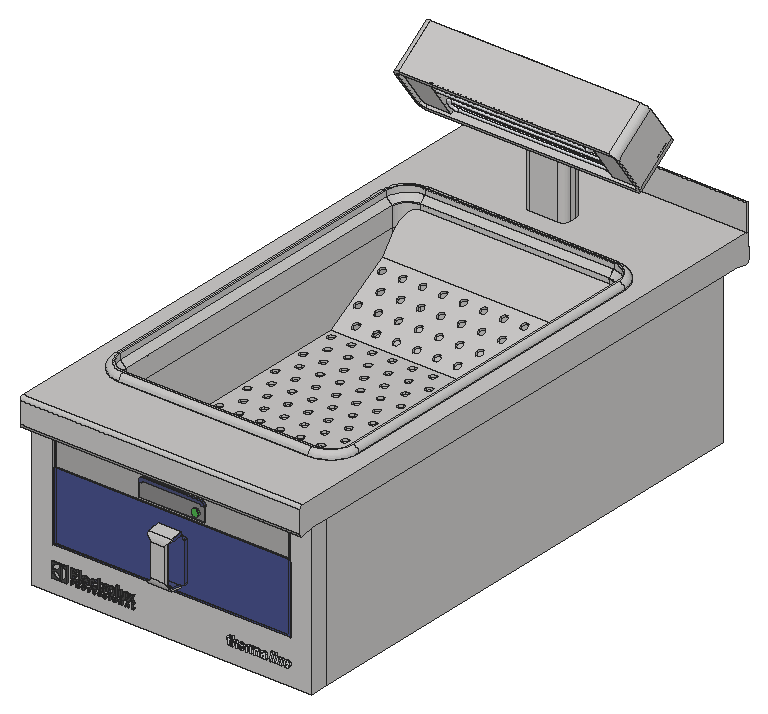
Revit family "QF_ELECTROLUXPROFESSIONAL_588095_MAYAABDOBO", category Attrezzature speciali, Revit 2020 (continued)
Lines and regions (mm)
  symbolic lines
    curve 366: circle (98.5, -488.15, 0) r 5 normal (0, 0, 1)
    curve 367: circle (127.5, -488.15, 0) r 5 normal (0, 0, 1)
    curve 368: circle (156.5, -488.15, 0) r 5 normal (0, 0, 1)
    curve 369: circle (185.5, -488.15, 0) r 5 normal (0, 0, 1)
    curve 370: circle (330.5, -488.15, 0) r 5 normal (0, 0, -1)
    curve 371: circle (301.5, -488.15, 0) r 5 normal (0, 0, -1)
    curve 372: circle (272.5, -488.15, 0) r 5 normal (0, 0, -1)
    curve 373: circle (243.5, -488.15, 0) r 5 normal (0, 0, -1)
    curve 374: circle (214.5, -488.15, 0) r 5 normal (0, 0, -1)
    curve 375: circle (55, -513.15, 0) r 5 normal (0, 0, 1)
    curve 376: circle (84, -513.15, 0) r 5 normal (0, 0, 1)
    curve 377: circle (113, -513.15, 0) r 5 normal (0, 0, 1)
    curve 378: circle (142, -513.15, 0) r 5 normal (0, 0, 1)
    curve 379: circle (171, -513.15, 0) r 5 normal (0, 0, 1)
    curve 380: circle (200, -513.15, 0) r 5 normal (0, 0, 1)
    curve 381: circle (345, -513.15, 0) r 5 normal (0, 0, -1)
    curve 382: circle (316, -513.15, 0) r 5 normal (0, 0, -1)
    curve 383: circle (287, -513.15, 0) r 5 normal (0, 0, -1)
    curve 384: circle (258, -513.15, 0) r 5 normal (0, 0, -1)
    curve 385: circle (229, -513.15, 0) r 5 normal (0, 0, -1)
    curve 386: circle (69.5, -538.15, 0) r 5 normal (0, 0, 1)
    curve 387: circle (98.5, -538.15, 0) r 5 normal (0, 0, 1)
    curve 388: circle (127.5, -538.15, 0) r 5 normal (0, 0, 1)
    curve 389: circle (156.5, -538.15, 0) r 5 normal (0, 0, 1)
    curve 390: circle (185.5, -538.15, 0) r 5 normal (0, 0, 1)
    curve 391: circle (330.5, -538.15, 0) r 5 normal (0, 0, -1)
    curve 392: circle (301.5, -538.15, 0) r 5 normal (0, 0, -1)
    curve 393: circle (272.5, -538.15, 0) r 5 normal (0, 0, -1)
    curve 394: circle (243.5, -538.15, 0) r 5 normal (0, 0, -1)
    curve 395: circle (214.5, -538.15, 0) r 5 normal (0, 0, -1)
    curve 396: line (0, -2, 0) -> (400, -2, 0)
Dimensions and locks
  plane 3 "LEFT" to plane 4 "RIGHT" = 400 mm
  plane 5 "FRONT" to plane 1 "BACK" = 800 mm
  plane 3 "LEFT" to plane 7 "Center (Left/Right)" to plane 4 "RIGHT" = 200 mm, 200 mm
  equal spacing: plane 5 "FRONT", plane 8, plane 1 "BACK"
  plane 6 "TOP" to level = 900 mm  (x2)
  plane 1 "BACK" to plane 9 = 150 mm
  plane 12 to plane 6 "TOP" = 38 mm
  plane 10 to plane 1 "BACK" = 65 mm
  locked: plane 5 "FRONT" to plane 11 at 60
  locked: plane 6 "TOP" to plane 13 "BaseTop" at 250
  locked: plane 14 to plane 5 "FRONT" at 45
  plane 15 "Camino" to plane 1 "BACK" = 50 mm
  plane 16 "EIx" to plane 4 "RIGHT" = 45 mm
  plane 17 to plane 6 "TOP" = 204 mm
  plane 22 to plane 1 "BACK" = 585 mm
  aligned and locked: level to plane 2
  aligned and locked: cut or joined group of Extrusion 2, Extrusion 3, Extrusion 6, Extrusion 7 to plane 3 "LEFT"
  aligned and locked: cut or joined group of Extrusion 2, Extrusion 3, Extrusion 6, Extrusion 7 to plane 4 "RIGHT"
  aligned and locked: nested 1 to plane 14
  aligned and locked: Extrusion 1 to plane 14
  aligned and locked: plane 3 "LEFT" to nested 1
Automatic sketch dimensions
  Extrusion 2 sketch curve to plane 5 "FRONT" = 0 mm
  Extrusion 2 sketch curve to plane 6 "TOP" = 0 mm
  Extrusion 2 sketch curve to plane 1 "BACK" = 0 mm
  Extrusion 2 sketch curve to Extrusion 2 sketch curve = 4 mm
  Extrusion 2 sketch curve to Extrusion 2 sketch curve = 0.695 mm
  Extrusion 2 sketch curve to plane 5 "FRONT" = 5 mm
  Extrusion 2 sketch curve to Extrusion 2 sketch curve = 15.305 mm
  plane 1 "BACK" to Extrusion 2 sketch curve = 20 mm
  plane 1 "BACK" to Extrusion 2 sketch curve = 4.695 mm
  plane 1 "BACK" to Extrusion 2 sketch curve = 4 mm
  Extrusion 2 sketch curve to Extrusion 2 sketch curve = 31 mm
  Extrusion 2 sketch curve to Extrusion 2 sketch curve = 36 mm
  Extrusion 2 sketch curve to Extrusion 2 sketch curve = 2.909 mm
  plane 20 "Serpentine" to Extrusion 21 sketch curve = 0 mm  (x4)
  Extrusion 21 sketch curve to plane 17 = 11.852 mm
  Extrusion 21 sketch curve to plane 17 = 18.405 mm
  Extrusion 21 sketch curve to plane 17 = 11.154 mm
  Extrusion 21 sketch curve to Extrusion 21 sketch curve = 3.381 mm  (x2)
  Extrusion 21 sketch curve to plane 17 = 28.235 mm
  Extrusion 21 sketch curve to plane 17 = 34.788 mm
  Extrusion 21 sketch curve to Extrusion 21 sketch curve = 7.25 mm
  plane 20 "Serpentine" to Extrusion 22 sketch curve = 0 mm  (x4)
  Extrusion 22 sketch curve to plane 17 = 11.852 mm
  Extrusion 22 sketch curve to plane 17 = 18.405 mm
  Extrusion 22 sketch curve to plane 17 = 11.154 mm
  Extrusion 22 sketch curve to Extrusion 22 sketch curve = 3.381 mm  (x2)
  Extrusion 22 sketch curve to plane 17 = 28.235 mm
  Extrusion 22 sketch curve to plane 17 = 34.788 mm
  Extrusion 22 sketch curve to Extrusion 22 sketch curve = 7.25 mm
  plane 20 "Serpentine" to Extrusion 23 sketch curve = 0 mm  (x4)
  Extrusion 23 sketch curve to plane 17 = 11.852 mm
  Extrusion 23 sketch curve to plane 17 = 18.405 mm
  Extrusion 23 sketch curve to plane 17 = 11.154 mm
  Extrusion 23 sketch curve to Extrusion 23 sketch curve = 3.381 mm  (x2)
  Extrusion 23 sketch curve to plane 17 = 28.235 mm
  Extrusion 23 sketch curve to plane 17 = 34.788 mm
  Extrusion 23 sketch curve to Extrusion 23 sketch curve = 7.25 mm
  curve 39 to curve 50 = 0 mm  (x3)
  curve 42 to curve 51 = 0 mm  (x3)
  curve 58 to curve 59 = 0 mm  (x2)
  curve 36 to curve 35 = 9.723 mm
  plane 10 to curve 7 = 21.455 mm
  curve 35 to curve 37 = 8.167 mm
  curve 37 to curve 32 = 7.111 mm
  curve 7 to curve 5 = 10 mm
  curve 8 to curve 9 = 10 mm
  curve 31 to curve 57 = 4.028 mm
  curve 37 to curve 48 = 22.111 mm
  curve 57 to curve 59 = 0.972 mm
  curve 50 to curve 38 = 0.067 mm
  curve 8 to curve 14 = 28 mm
  curve 13 to plane 7 "Center (Left/Right)" = 46 mm
  curve 13 to curve 19 = 8 mm
  plane 7 "Center (Left/Right)" to curve 22 = 38 mm
  curve 23 to curve 28 = 8 mm
  curve 30 to plane 16 "EIx" = 33 mm
  curve 55 to plane 16 "EIx" = 20.001 mm
  curve 49 to plane 16 "EIx" = 20 mm
  curve 55 to curve 54 = 0.001 mm
  curve 42 to curve 40 = 0.11 mm
  curve 54 to curve 56 = 0.972 mm
  curve 5 to plane 16 "EIx" = 5 mm
  curve 9 to plane 16 "EIx" = 5 mm
  curve 32 to plane 16 "EIx" = 5 mm
  plane 16 "EIx" to curve 45 = 1.886 mm
  plane 16 "EIx" to curve 11 = 5 mm
  curve 45 to curve 44 = 8.391 mm
  curve 42 to curve 40 = 7.998 mm
  curve 45 to plane 9 = 41.314 mm
  curve 58 to plane 9 = 40 mm
  curve 36 to curve 58 = 0 mm
  curve 55 to curve 56 = 1.314 mm
  curve 55 to curve 44 = 1.314 mm
  curve 59 to curve 32 = 3.186 mm
  curve 7 to curve 58 = 8.158 mm
  curve 11 to curve 54 = 8.158 mm
  plane 9 to curve 9 = 20.527 mm
  curve 9 to curve 11 = 5.736 mm
  plane 9 to curve 24 = 28.825 mm
  curve 10 to curve 28 = 2.563 mm
  plane 9 to curve 13 = 28.825 mm
  curve 28 to curve 30 = 19.441 mm
  curve 13 to curve 14 = 19.441 mm
  curve 17 to curve 22 = 0 mm
  plane 10 to curve 34 = 21.455 mm
  curve 6 to curve 5 = 5.736 mm
  curve 37 to curve 59 = 0.115 mm
  plane 16 "EIx" to curve 55 = 1.045 mm
  curve 37 to curve 59 = 0 mm
  curve 8 to curve 8 = 5.736 mm
  curve 23 to curve 20 = 7.97 mm
  curve 13 to curve 15 = 7.97 mm
  curve 25 to curve 29 = 7.97 mm
  curve 20 to curve 21 = 3.502 mm
  curve 29 to curve 26 = 3.502 mm
  curve 15 to curve 16 = 3.502 mm
  Extrusion 1 sketch curve to plane 4 "RIGHT" = 0 mm
  Extrusion 1 sketch curve to plane 3 "LEFT" = 0 mm
  Extrusion 1 sketch curve to plane 14 = 0 mm
  Extrusion 1 sketch curve to plane 15 "Camino" = 5 mm
  plane 1 "BACK" to curve 1 = 0 mm
  curve 1 to plane 4 "RIGHT" = 0 mm
  curve 3 to plane 3 "LEFT" = 0 mm
  plane 5 "FRONT" to curve 3 = 0 mm
  plane 16 "EIx" to Extrusion 3 sketch curve = 2.043 mm
  Extrusion 3 sketch curve to plane 16 "EIx" = 20 mm  (x2)
  Extrusion 3 sketch curve to plane 9 = 17.957 mm
  plane 3 "LEFT" to Extrusion 3 sketch curve = 65 mm  (x2)
  Extrusion 3 sketch curve to Extrusion 3 sketch curve = 22.043 mm
  Extrusion 4 sketch curve to plane 16 "EIx" = 0 mm
  Sweep 5 sketch curve to plane 9 = 0 mm
  plane 16 "EIx" to Sweep 5 sketch curve = 20 mm
  Sweep 5 sketch curve to plane 16 "EIx" = 20 mm  (x2)
  plane 3 "LEFT" to Sweep 5 sketch curve = 65 mm  (x2)
  plane 3 "LEFT" to Sweep 5 sketch curve = 25 mm
  Sweep 5 sketch curve to plane 6 "TOP" = 0 mm  (x2)
  profile plane to Sweep 5 sketch curve = 0 mm
  plane 6 "TOP" to Sweep 5 sketch curve = 8 mm
  Sweep 5 sketch curve to Sweep 5 sketch curve = 1.723 mm
  Sweep 5 sketch curve to Sweep 5 sketch curve = 8.282 mm
  Sweep 5 sketch curve to plane 6 "TOP" = 8.282 mm
  plane 16 "EIx" to Extrusion 6 sketch curve = 2.043 mm
  Extrusion 6 sketch curve to plane 16 "EIx" = 20 mm  (x2)
  plane 3 "LEFT" to Extrusion 6 sketch curve = 65 mm  (x2)
  Extrusion 6 sketch curve to plane 9 = 17.957 mm
  Extrusion 6 sketch curve to Extrusion 6 sketch curve = 22.043 mm
  plane 16 "EIx" to Extrusion 7 sketch curve = 12 mm
  Extrusion 7 sketch curve to plane 9 = 8 mm
  Extrusion 7 sketch curve to plane 16 "EIx" = 20 mm  (x2)
  plane 3 "LEFT" to Extrusion 7 sketch curve = 65 mm  (x2)
  Extrusion 7 sketch curve to Extrusion 7 sketch curve = 32 mm
  Extrusion 8 sketch curve to plane 18 "Fondo" = 0 mm
  Extrusion 8 sketch curve to plane 19 "Angle1" = 0 mm  (x2)
  Extrusion 8 sketch curve to plane 18 "Fondo" = 2 mm
  Extrusion 8 sketch curve to Extrusion 8 sketch curve = 0.536 mm  (x2)
  Extrusion 8 sketch curve to Extrusion 8 sketch curve = 1.337 mm  (x2)
  Extrusion 8 sketch curve to plane 6 "TOP" = 8.282 mm
  plane 18 "Fondo" to Extrusion 8 sketch curve = 53.072 mm
  Extrusion 8 sketch curve to plane 9 = 17.957 mm
  plane 18 "Fondo" to Extrusion 8 sketch curve = 51.337 mm
  Extrusion 8 sketch curve to Extrusion 8 sketch curve = 1.538 mm  (x2)
  Extrusion 8 sketch curve to plane 6 "TOP" = 18.171 mm
  Extrusion 8 sketch curve to Extrusion 8 sketch curve = 3.249 mm  (x2)
  Extrusion 9 sketch curve to plane 7 "Center (Left/Right)" = 0 mm  (x5)
  plane 7 "Center (Left/Right)" to Extrusion 9 sketch curve = 14.5 mm  (x5)
  Extrusion 9 sketch curve to plane 8 = 13.15 mm  (x11)
  Extrusion 9 sketch curve to Extrusion 9 sketch curve = 14.5 mm  (x80)
  Extrusion 9 sketch curve to plane 8 = 38.15 mm  (x10)
  Extrusion 9 sketch curve to plane 16 "EIx" = 24.5 mm  (x5)
  Extrusion 9 sketch curve to plane 16 "EIx" = 10 mm  (x5)
  Extrusion 9 sketch curve to plane 7 "Center (Left/Right)" = 14.5 mm  (x5)
  Extrusion 9 sketch curve to Extrusion 9 sketch curve = 25 mm  (x84)
  Extrusion 10 sketch curve to plane 7 "Center (Left/Right)" = 0 mm  (x2)
  plane 7 "Center (Left/Right)" to Extrusion 10 sketch curve = 14.5 mm  (x2)
  Extrusion 10 sketch curve to Extrusion 10 sketch curve = 14.5 mm  (x32)
  Extrusion 10 sketch curve to plane 16 "EIx" = 24.5 mm  (x2)
  Extrusion 10 sketch curve to plane 16 "EIx" = 10 mm  (x2)
  Extrusion 10 sketch curve to plane 7 "Center (Left/Right)" = 14.5 mm  (x2)
  Extrusion 10 sketch curve to Extrusion 10 sketch curve = 0 mm  (x10)
  Extrusion 10 sketch curve to Extrusion 10 sketch curve = 25 mm  (x31)
  Extrusion 11 sketch curve to plane 7 "Center (Left/Right)" = 0 mm  (x2)
  plane 7 "Center (Left/Right)" to Extrusion 11 sketch curve = 14.5 mm  (x2)
  Extrusion 11 sketch curve to Extrusion 11 sketch curve = 14.5 mm  (x32)
  Extrusion 11 sketch curve to plane 16 "EIx" = 24.5 mm  (x2)
  Extrusion 11 sketch curve to plane 16 "EIx" = 10 mm  (x2)
  Extrusion 11 sketch curve to plane 7 "Center (Left/Right)" = 14.5 mm  (x2)
  Extrusion 11 sketch curve to Extrusion 11 sketch curve = 0 mm  (x9)
  Extrusion 11 sketch curve to Extrusion 11 sketch curve = 25 mm  (x32)
  plane 7 "Center (Left/Right)" to Extrusion 12 sketch curve = 30 mm
  Extrusion 12 sketch curve to Extrusion 12 sketch curve = 10 mm  (x4)
  Extrusion 12 sketch curve to plane 7 "Center (Left/Right)" = 20 mm
  Extrusion 12 sketch curve to Extrusion 12 sketch curve = 0 mm
  plane 10 to Extrusion 12 sketch curve = 19.995 mm
  Extrusion 13 sketch curve to Extrusion 13 sketch curve = 0 mm  (x8)
  plane 21 "Serpentine90" to Extrusion 13 sketch curve = 0 mm
  Extrusion 13 sketch curve to plane 21 "Serpentine90" = 4 mm
  Extrusion 13 sketch curve to Extrusion 13 sketch curve = 6 mm  (x3)
  plane 3 "LEFT" to Extrusion 13 sketch curve = 50 mm
  Extrusion 13 sketch curve to Extrusion 13 sketch curve = 65 mm  (x2)
  Extrusion 13 sketch curve to plane 16 "EIx" = 5 mm
  Extrusion 14 sketch curve to plane 16 "EIx" = 39 mm
  Extrusion 14 sketch curve to plane 21 "Serpentine90" = 81 mm  (x2)
  Extrusion 14 sketch curve to Extrusion 14 sketch curve = 6 mm  (x2)
  Extrusion 14 sketch curve to plane 21 "Serpentine90" = 10 mm  (x2)
  Extrusion 14 sketch curve to plane 21 "Serpentine90" = 4 mm  (x2)
  plane 3 "LEFT" to Extrusion 14 sketch curve = 84 mm
  Extrusion 14 sketch curve to Extrusion 14 sketch curve = 34 mm
  Extrusion 14 sketch curve to plane 16 "EIx" = 5 mm
  plane 21 "Serpentine90" to Extrusion 15 sketch curve = 0 mm  (x2)
  plane 9 to Extrusion 15 sketch curve = 33.669 mm
  plane 10 to Extrusion 15 sketch curve = 19.377 mm
  Extrusion 16 sketch curve to Extrusion 16 sketch curve = 0 mm  (x8)
  plane 21 "Serpentine90" to Extrusion 16 sketch curve = 0 mm
  Extrusion 16 sketch curve to plane 21 "Serpentine90" = 4 mm
  Extrusion 16 sketch curve to Extrusion 16 sketch curve = 6 mm  (x3)
  plane 3 "LEFT" to Extrusion 16 sketch curve = 50 mm
  Extrusion 16 sketch curve to Extrusion 16 sketch curve = 65 mm  (x2)
  Extrusion 16 sketch curve to plane 16 "EIx" = 5 mm
  plane 3 "LEFT" to Extrusion 17 sketch curve = 50 mm
  Extrusion 17 sketch curve to plane 21 "Serpentine90" = 81 mm
  Extrusion 17 sketch curve to Extrusion 17 sketch curve = 6 mm  (x2)
  plane 16 "EIx" to Extrusion 17 sketch curve = 1 mm
  Extrusion 17 sketch curve to plane 21 "Serpentine90" = 10 mm  (x2)
  Extrusion 17 sketch curve to plane 21 "Serpentine90" = 4 mm
  Extrusion 18 sketch curve to Extrusion 18 sketch curve = 0 mm  (x8)
  plane 21 "Serpentine90" to Extrusion 18 sketch curve = 0 mm
  Extrusion 18 sketch curve to plane 21 "Serpentine90" = 4 mm
  Extrusion 18 sketch curve to Extrusion 18 sketch curve = 6 mm  (x3)
  plane 3 "LEFT" to Extrusion 18 sketch curve = 50 mm
  Extrusion 18 sketch curve to Extrusion 18 sketch curve = 65 mm  (x2)
  Extrusion 18 sketch curve to plane 16 "EIx" = 5 mm
  Sweep 19 sketch curve to plane 21 "Serpentine90" = 72.123 mm
  Sweep 19 sketch curve to Sweep 19 sketch curve = 10 mm
  Sweep 19 sketch curve to plane 16 "EIx" = 56 mm
  plane 3 "LEFT" to Sweep 19 sketch curve = 84 mm
  Sweep 19 sketch curve to Sweep 19 sketch curve = 0 mm
  profile plane to Sweep 19 sketch curve = 0 mm
  plane 20 "Serpentine" to Sweep 19 sketch curve = 61.931 mm
  Sweep 20 sketch curve to plane 21 "Serpentine90" = 37.123 mm
  Sweep 20 sketch curve to Sweep 20 sketch curve = 10 mm
  Sweep 20 sketch curve to plane 7 "Center (Left/Right)" = 99 mm
  Sweep 20 sketch curve to plane 16 "EIx" = 39 mm
  Sweep 20 sketch curve to Sweep 20 sketch curve = 0 mm
  Sweep 20 sketch curve to profile plane = 0 mm
  profile plane to Sweep 20 sketch curve = 59.479 mm
  curve 36 to curve 31 = 15 mm
  curve 53 to curve 37 = 17.82 mm
  plane 3 "LEFT" to curve 36 = 25 mm
  curve 52 to curve 53 = 91.924 mm
  Extrusion 24 sketch curve to plane 12 = 0 mm
  Extrusion 24 sketch curve to plane 1 "BACK" = 0 mm
  Extrusion 24 sketch curve to plane 6 "TOP" = 0 mm
  plane 1 "BACK" to Extrusion 24 sketch curve = 2 mm
  curve 35 to plane 11 = 75 mm
  curve 42 to curve 47 = 114.744 mm
  curve 41 to curve 46 = 23.666 mm
  Extrusion 3 sketch curve to plane 11 = 75 mm
  Extrusion 4 sketch curve to plane 11 = 155 mm
  Sweep 5 sketch curve to plane 11 = 75 mm
  Extrusion 6 sketch curve to plane 11 = 75 mm
  Extrusion 7 sketch curve to plane 11 = 75 mm
  Extrusion 8 sketch curve to plane 8 = 150.256 mm
  Extrusion 8 sketch curve to plane 11 = 98.163 mm
  Extrusion 8 sketch curve to plane 11 = 52.957 mm
  radius of Extrusion 4 sketch curve = 10.1 mm
  radius of Extrusion 9 sketch curve = 5 mm  (x105)
  radius of Extrusion 10 sketch curve = 5 mm  (x42)
  radius of Extrusion 11 sketch curve = 5 mm  (x42)
  radius of Sweep 19 sketch curve = 2.5 mm
  radius of Sweep 20 sketch curve = 2.5 mm
Nested families
  nested 1: "Front_Panel_W400_1 Knob_Spie" at (102.376, -755, 0), type "Front_Panel_W400_1 Knob_Spie"
Connectors
  electrical at (355, -585, 640), driven by "Volts"
    settings: on Extrusion 4, index 1, voltage 230 V, apparent load 0 VA, apparent load phase1 0 VA, apparent load phase2 0 VA, apparent load phase3 0 VA, power factor 1, load classification "Other", number of poles 1, system type 30, power factor state 1, is connector primary yes, connector utility no, sub classification motor no, connector description "Electrical Connection"
Definition of nested family "Front_Panel_W400_1 Knob_Spie"
  Parameters
    Width = 400 mm
    Default Elevation = 0 mm
  Reference planes
    plane 1 "Center (Front/Back)": y = 0
    plane 2: z = 0
    plane 3 "Center (Left/Right)": x = 97.624
    plane 4 "Left": x = -102.376
    plane 5 "Right": x = 297.624
    plane 6: y = -45
    plane 7: y = -25
    plane 8: x = 267.624
    plane 9: x = -72.376
  Forms (mm)
    Extrusion 1, solid
      sketch origin (833.217, 829.203, -1.25) x (0, 1, 0) y (0, 0, 1)
        loop
          line (-854.203, 651.25) -> (-829.203, 651.25) -> (-829.203, 864.25) -> (-854.203, 864.25) -> (-854.203, 651.25)
      from -935.593 to -535.593
    Extrusion 2, void
      sketch origin (0, 0, 0) x (1, 0, 0) y (0, 0, 1)
        loop
          line (-72.376, 853.866) -> (-72.376, 711.866) -> (267.624, 711.866) -> (267.624, 853.866) -> (-72.376, 853.866)
      from 19.387 to 33.951
    Extrusion 3, solid
      sketch origin (145, -25, 1.199) x (0, 0, 1) y (-1, 0, 0)
        loop
          circle (824.337, 12.376) r 5
      from 0 to 1.7
  Cuts and joins
    Extrusion 2 cuts Extrusion 1
  Dimensions and locks
    equal spacing: plane 5 "Right", plane 3 "Center (Left/Right)", plane 4 "Left"
    "Width": plane 5 "Right" to plane 4 "Left"
    aligned and locked: cut or joined group of Extrusion 1, Extrusion 2 to plane 4 "Left"
    aligned and locked: plane 5 "Right" to cut or joined group of Extrusion 1, Extrusion 2
    aligned and locked: plane 9 to nested 1
    aligned and locked: plane 8 to nested 1
    aligned and locked: nested 4 to plane 9
    aligned and locked: cut or joined group of Extrusion 1, Extrusion 2 to plane 9
    aligned and locked: plane 8 to cut or joined group of Extrusion 1, Extrusion 2
  Automatic sketch dimensions
    level to Extrusion 2 sketch curve = 711.866 mm
    Extrusion 2 sketch curve to Extrusion 2 sketch curve = 142 mm
    Extrusion 1 sketch curve to plane 7 = 0 mm
    Extrusion 1 sketch curve to plane 1 "Center (Front/Back)" = 0 mm
    level to Extrusion 1 sketch curve = 650 mm
    Extrusion 1 sketch curve to Extrusion 1 sketch curve = 213 mm
    Extrusion 2 sketch curve to plane 5 "Right" = 30 mm
    Extrusion 2 sketch curve to plane 3 "Center (Left/Right)" = 170 mm
    plane 3 "Center (Left/Right)" to Extrusion 3 sketch curve = 35 mm
    level to Extrusion 3 sketch curve = 825.536 mm
    radius of Extrusion 3 sketch curve = 5 mm
  Nested families
    nested 1: "Front glass control panel W340_1 Knob" at (97.624, 280.644, 2.752), type "Front glass control panel W340_1 Knob"
    nested 2: "Range Control Handle" at (97.624, -28.137, -209.113) x (-1, 0, 0) z (0, 0, 1), type ""
    nested 3: "ELX_ThermaLine_Small" at (219.031, -25, 679.426) x (1, 0, 0) z (0, -1, 0), type "ELX_ThermaLine_Small"
      with Show Logo yes, Material_Logo none
    nested 4: "ELX_Professional_Logo_Small" at (-12.89, -25, 681.659) x (1, 0, 0) z (0, -1, 0), type "ELX_Professional_Logo_Small"
      with Show Logo yes, Material_Logo none
  Definition of nested family "Front glass control panel W340_1 Knob"
    Parameters
      Default Elevation = 0 mm
    Reference planes
      plane 1 "Center (Front/Back)": y = 0
      plane 2: z = 0
      plane 3 "Center (Left/Right)": x = 0
    Forms (mm)
      Extrusion 1, solid
        sketch origin (378.286, 0, 0.617) x (1, 0, 0) y (0, 0, 1)
          loop
            line (-548.286, 806.791) -> (-548.286, 708.497) -> (-208.286, 708.497) -> (-208.286, 806.791) -> (-548.286, 806.791)
        from 300.031 to 304.8
      Extrusion 2, solid
        sketch origin (378.286, 0, 0.617) x (1, 0, 0) y (0, 0, 1)
          loop
            line (-548.286, 850.497) -> (-548.286, 806.791) -> (-208.286, 806.791) -> (-208.286, 850.497) -> (-548.286, 850.497)
        from 300.031 to 304.8
      Extrusion 3, void
        sketch origin (378.286, 0, 0.617) x (1, 0, 0) y (0, 0, 1)
          loop
            line (-545.628, 847.565) -> (-545.628, 710.699) -> (-211.196, 710.699) -> (-211.196, 847.565) -> (-545.628, 847.565)
        from 303.697 to 304.8
      Extrusion 4, solid
        sketch origin (308.309, 1.101, -0.633) x (1, 0, 0) y (0, 0, 1)
          loop
            line (-261.431, 812.62) -> (-261.431, 834.177) -> (-266.24, 834.177) -> (-268.039, 835.977) -> (-348.469, 835.977) -> (-350.269, 834.177) -> (-355.186, 834.177) -> (-355.186, 812.62) -> (-261.431, 812.62)
        from 304.798 to 306.745
      Extrusion 5, solid
        sketch origin (308.309, 1.101, -0.633) x (1, 0, 0) y (0, 0, 1)
          loop
            line (-350.269, 834.177) -> (-348.469, 835.977) -> (-268.039, 835.977) -> (-266.24, 834.177) -> (-261.529, 834.177)
            arc (-261.529, 834.177) -> (-262.706, 838.752) -> (-266.98, 840.763) r 5.549
            line (-266.98, 840.763) -> (-349.686, 840.763)
            arc (-349.686, 840.763) -> (-353.942, 838.747) -> (-355.078, 834.177) r 5.5
            line (-355.078, 834.177) -> (-350.269, 834.177)
        from 304.798 to 306.745
    Cuts and joins
      Extrusion 3 cuts Extrusion 1
      Extrusion 3 cuts Extrusion 2
    Dimensions and locks
      equal spacing: cut or joined group of Extrusion 2, Extrusion 3, plane 3 "Center (Left/Right)", cut or joined group of Extrusion 2, Extrusion 3
      cut or joined group of Extrusion 2, Extrusion 3 to cut or joined group of Extrusion 2, Extrusion 3 = 340 mm
      aligned and locked: Extrusion 1 to Extrusion 2
      aligned and locked: Extrusion 5 to Extrusion 4
    Automatic sketch dimensions
      Extrusion 1 sketch curve to plane 3 "Center (Left/Right)" = 170 mm
      plane 3 "Center (Left/Right)" to Extrusion 1 sketch curve = 170 mm
      level to Extrusion 1 sketch curve = 709.114 mm
      Extrusion 1 sketch curve to Extrusion 1 sketch curve = 98.294 mm
      Extrusion 2 sketch curve to plane 3 "Center (Left/Right)" = 170 mm
      plane 3 "Center (Left/Right)" to Extrusion 2 sketch curve = 170 mm
      level to Extrusion 2 sketch curve = 807.408 mm
      Extrusion 2 sketch curve to Extrusion 2 sketch curve = 43.706 mm
      Extrusion 3 sketch curve to plane 3 "Center (Left/Right)" = 167.342 mm
      plane 3 "Center (Left/Right)" to Extrusion 3 sketch curve = 167.091 mm
      level to Extrusion 3 sketch curve = 711.316 mm
      Extrusion 3 sketch curve to Extrusion 3 sketch curve = 136.866 mm
      Extrusion 4 sketch curve to plane 3 "Center (Left/Right)" = 46.877 mm
      Extrusion 4 sketch curve to Extrusion 4 sketch curve = 4.917 mm
      Extrusion 4 sketch curve to Extrusion 4 sketch curve = 1.8 mm  (x3)
      plane 3 "Center (Left/Right)" to Extrusion 4 sketch curve = 40.269 mm
      Extrusion 4 sketch curve to Extrusion 4 sketch curve = 4.809 mm
      level to Extrusion 4 sketch curve = 811.987 mm
      Extrusion 4 sketch curve to Extrusion 4 sketch curve = 21.557 mm  (x2)
      Extrusion 5 sketch curve to plane 3 "Center (Left/Right)" = 46.769 mm
      Extrusion 5 sketch curve to Extrusion 5 sketch curve = 4.809 mm
      Extrusion 5 sketch curve to Extrusion 5 sketch curve = 0.583 mm
      Extrusion 5 sketch curve to Extrusion 5 sketch curve = 1.217 mm
      plane 3 "Center (Left/Right)" to Extrusion 5 sketch curve = 40.269 mm
      Extrusion 5 sketch curve to Extrusion 5 sketch curve = 1.059 mm
      Extrusion 5 sketch curve to Extrusion 5 sketch curve = 0.741 mm
      Extrusion 5 sketch curve to Extrusion 5 sketch curve = 4.711 mm
      level to Extrusion 5 sketch curve = 833.543 mm
      Extrusion 5 sketch curve to Extrusion 5 sketch curve = 0 mm
      Extrusion 5 sketch curve to Extrusion 5 sketch curve = 1.037 mm
      Extrusion 5 sketch curve to Extrusion 5 sketch curve = 0.714 mm
  Definition of nested family "Range Control Handle"
    Parameters
      Default Elevation = 0 mm
    Reference planes
      plane 1 "Center (Front/Back)": y = 0
      plane 2: z = 0
      plane 3 "Center (Left/Right)": x = 0
      plane 4: z = 971.092
      plane 5: y = -16.9
    Forms (mm)
      Extrusion 1, solid
        sketch origin (-746.28, 380.497, 208.931) x (-1, 0, 0) y (0, 0, 1)
          loop
            line (-770.101, 786.798) -> (-770.101, 731.649)
            arc (-770.101, 731.649) -> (-769.759, 730.563) -> (-768.855, 729.87) r 1.893
            line (-768.855, 729.87) -> (-763.474, 727.911) -> (-729.81, 727.911) -> (-724.428, 729.87)
            arc (-724.428, 729.87) -> (-723.525, 730.563) -> (-723.183, 731.649) r 1.893
            line (-723.183, 731.649) -> (-723.183, 786.798)
            arc (-723.183, 786.798) -> (-723.529, 787.894) -> (-724.44, 788.593) r 1.91
            line (-724.44, 788.593) -> (-729.683, 790.819) -> (-763.601, 790.819) -> (-768.844, 788.593)
            arc (-768.844, 788.593) -> (-769.755, 787.894) -> (-770.101, 786.798) r 1.91
        from -382.35 to -378.852
      Sweep 2, solid
        path origin (-746.788, 380.496, 208.091) x (0, -1, 0) y (0, 0, 1)
          loop
            line (379.775, 793.281) -> (395.661, 791.048)
            arc (395.661, 791.048) -> (397.781, 787.377) -> (398.517, 783.202) r 12.207
            line (398.517, 783.202) -> (398.517, 737.368)
            arc (398.517, 737.368) -> (397.781, 733.193) -> (395.661, 729.522) r 12.207
            line (395.661, 729.522) -> (379.775, 727.289)
        profile origin (-746.788, -7.222, 1000.256) x (0, -0.139173, 0.990268) y (-1, 0, 0)
          loop
            line (0.782, -763.123) -> (0.782, -730.907) -> (-1.322, -730.907) -> (-1.322, -763.123) -> (0.782, -763.123)
      Sweep 3, solid
        path origin (-746.788, 380.715, 207.832) x (0, -1, 0) y (0, 0, 1)
          loop
            line (380.478, 795.442) -> (397.218, 793.09)
            arc (397.218, 793.09) -> (399.929, 788.473) -> (400.871, 783.202) r 15.207
            line (400.871, 783.202) -> (400.871, 737.584)
            arc (400.871, 737.584) -> (399.914, 732.274) -> (397.164, 727.633) r 15.207
            line (397.164, 727.633) -> (380.601, 725.305)
        profile origin (-746.788, -8.132, 1002.099) x (0, -0.139173, 0.990268) y (-1, 0, 0)
          loop
            line (0.782, -763.123) -> (0.782, -730.907) -> (-1.322, -730.907) -> (-1.322, -763.123) -> (0.782, -763.123)
      Extrusion 4, void
        sketch origin (889.253, 220.666, 207.993) x (1, 0, 0) y (0, 0, 1)
          loop
            line (-943.038, 816.854) -> (-943.038, 703.686) -> (-899.466, 734.196) -> (-899.466, 786.344) -> (-943.038, 816.854)
        from 230.636 to 242.25
      Extrusion 5, void
        sketch origin (-888.8, 220.666, 207.993) x (-1, 0, 0) y (0, 0, -1)
          loop
            line (-943.038, -816.854) -> (-899.466, -786.344) -> (-899.466, -734.196) -> (-943.038, -703.686) -> (-943.038, -816.854)
        from 230.636 to 242.25
      Extrusion 6, solid
        sketch origin (0, 0, 0) x (1, 0, 0) y (0, 0, 1)
          loop
            circle (0, 971.092) r 7.736
        from -3.137 to -1.645
    Cuts and joins
      Extrusion 4, Extrusion 5 cuts Sweep 3
      Extrusion 4, Extrusion 5 cuts Sweep 2
      joined: Extrusion 1, Extrusion 6
    Lines and regions (mm)
      symbolic lines
        curve 1: line (16.334, -16.9, 0) -> (16.334, -19.227, 0)
        curve 2: spline (16.334, -19.227, 0) -> (15.87, -19.385, 0) -> (15.404, -19.536, 0) -> (14.936, -19.678, 0) -> (14.466, -19.813, 0) -> (13.995, -19.94, 0) -> (13.523, -20.059, 0) -> (13.049, -20.171, 0) -> (12.575, -20.274, 0) -> (12.099, -20.37, 0) -> (11.622, -20.458, 0) -> (11.144, -20.537, 0) -> (10.666, -20.609, 0)
        curve 3: line (10.666, -16.9, 0) -> (10.666, -20.938, 0)
        curve 4: line (-10.213, -20.938, 0) -> (10.666, -20.938, 0)
        curve 5: line (-10.213, -20.938, 0) -> (-10.213, -16.9, 0)
        curve 6: spline (-10.213, -20.609, 0) -> (-10.691, -20.537, 0) -> (-11.169, -20.458, 0) -> (-11.646, -20.37, 0) -> (-12.122, -20.274, 0) -> (-12.597, -20.171, 0) -> (-13.07, -20.059, 0) -> (-13.542, -19.94, 0) -> (-14.013, -19.813, 0) -> (-14.483, -19.678, 0) -> (-14.951, -19.536, 0) -> (-15.417, -19.385, 0) -> (-15.881, -19.227, 0)
        curve 7: line (-15.881, -19.227, 0) -> (-15.881, -16.9, 0)
  Definition of nested family "ELX_ThermaLine_Small"
    Parameters
      Show Logo [instance] = yes
      Material_Logo [instance] = none
      Default Elevation = 0 mm
    Reference planes
      plane 1 "Centro (Fronte/Retro)": y = 0
      plane 2: z = 0
      plane 3 "Centro (Sinistra/Destra)": x = 0
    Forms (mm)
      Extrusion 1, solid
        sketch origin (0, 0, 0) x (1, 0, 0) y (0, 1, 0)
          loop
            line (-1219.2, 1219.2) -> (-1219.2, -1219.2) -> (1219.2, -1219.2) -> (1219.2, 1219.2) -> (-1219.2, 1219.2)
        from 0 to -304.8
      Extrusion 2, solid
        sketch origin (0, 0, 0) x (1, 0, 0) y (0, 1, 0)
          loop
            line (-37.494, 1.229) -> (-35.908, 1.229) -> (-35.908, 3.066) -> (-37.494, 3.066) -> (-37.494, 6.221) -> (-39.867, 4.881) -> (-39.867, 3.066) -> (-40.969, 3.066) -> (-40.969, 1.229) -> (-39.867, 1.229) -> (-39.867, -3.407)
            arc (-39.867, -3.407) -> (-38.982, -5.513) -> (-36.751, -6.001) r 2.478
            line (-36.751, -6.001) -> (-35.638, -5.7) -> (-35.9, -3.835) -> (-36.661, -4.039)
            arc (-36.661, -4.039) -> (-37.236, -3.924) -> (-37.494, -3.399) r 0.662
            line (-37.494, -3.399) -> (-37.494, 1.229)
          loop
            line (-34.242, 6.539) -> (-34.242, -5.848) -> (-31.854, -5.848) -> (-31.854, -0.078)
            arc (-31.854, -0.078) -> (-30.939, 1.249) -> (-29.33, 1.367) r 1.866
            arc (-29.33, 1.367) -> (-28.695, 0.768) -> (-28.461, -0.073) r 1.627
            line (-28.461, -0.073) -> (-28.461, -5.848) -> (-26.086, -5.848) -> (-26.064, -0.46)
            arc (-26.064, -0.46) -> (-26.261, 0.932) -> (-26.786, 2.237) r 5.825
            arc (-26.786, 2.237) -> (-29.381, 3.264) -> (-31.854, 1.971) r 3.353
            line (-31.854, 1.971) -> (-31.854, 6.539) -> (-34.242, 6.539)
          loop
            arc (-18.398, -0.598) -> (-18.893, 0.879) -> (-20.326, 1.487) r 1.897
            arc (-20.326, 1.487) -> (-21.461, 0.708) -> (-21.897, -0.598) r 2.164
            line (-21.897, -0.598) -> (-18.398, -0.598)
          loop
            arc (-16.021, -2.044) -> (-16.754, 1.227) -> (-19.444, 3.226) r 4.814
            arc (-19.444, 3.226) -> (-22.137, 2.788) -> (-23.943, 0.743) r 4.054
            arc (-23.943, 0.743) -> (-24.382, -1.249) -> (-24.162, -3.276) r 6.289
            arc (-24.162, -3.276) -> (-23.302, -4.71) -> (-21.958, -5.705) r 4.28
            arc (-21.958, -5.705) -> (-18.558, -5.814) -> (-16.152, -3.409) r 4.28
            line (-16.152, -3.409) -> (-18.5, -2.995)
            arc (-18.5, -2.995) -> (-19.273, -3.994) -> (-20.533, -4.076) r 1.536
            arc (-20.533, -4.076) -> (-21.56, -3.281) -> (-21.958, -2.044) r 2.197
            line (-21.958, -2.044) -> (-16.021, -2.044)
          loop
            line (-14.165, -5.848) -> (-11.819, -5.848) -> (-11.819, -2.138)
            arc (-11.819, -2.138) -> (-11.787, -1.156) -> (-11.637, -0.185) r 8.18
            arc (-11.637, -0.185) -> (-10.644, 0.972) -> (-9.132, 0.776) r 1.603
            line (-9.132, 0.776) -> (-8.419, 2.846)
            arc (-8.419, 2.846) -> (-10.432, 3.118) -> (-11.994, 1.821) r 2.527
            line (-11.994, 1.821) -> (-11.994, 3.094) -> (-14.165, 3.094) -> (-14.165, -5.848)
          loop
            line (-7.579, 3.094) -> (-7.579, -5.848) -> (-5.178, -5.848) -> (-5.178, -0.756)
            arc (-5.178, -0.756) -> (-4.727, 0.679) -> (-3.417, 1.419) r 2.05
            arc (-3.417, 1.419) -> (-2.499, 0.908) -> (-2.155, -0.085) r 1.471
            line (-2.155, -0.085) -> (-2.155, -5.848) -> (0.23, -5.848) -> (0.23, -1.001)
            arc (0.23, -1.001) -> (0.47, 0.127) -> (1.148, 1.061) r 2.775
            arc (1.148, 1.061) -> (2.225, 1.329) -> (3.05, 0.587) r 1.182
            arc (3.05, 0.587) -> (3.199, -0.019) -> (3.214, -0.642) r 2.894
            line (3.214, -0.642) -> (3.214, -5.848) -> (5.601, -5.848) -> (5.601, 0.261)
            arc (5.601, 0.261) -> (4.87, 2.263) -> (2.976, 3.241) r 2.932
            arc (2.976, 3.241) -> (1.284, 2.973) -> (-0.047, 1.896) r 3.309
            arc (-0.047, 1.896) -> (-1.116, 2.865) -> (-2.506, 3.258) r 3.16
            arc (-2.506, 3.258) -> (-4.105, 2.942) -> (-5.376, 1.92) r 3.419
            line (-5.376, 1.92) -> (-5.376, 3.094) -> (-7.579, 3.094)
          loop
            line (7.583, 0.738) -> (9.702, 0.364)
            arc (9.702, 0.364) -> (11.441, 1.492) -> (12.855, -0.023) r 1.613
            line (12.855, -0.023) -> (9.782, -0.789)
            arc (9.782, -0.789) -> (8.559, -1.346) -> (7.617, -2.305) r 3.687
            arc (7.617, -2.305) -> (7.499, -3.681) -> (7.901, -5.003) r 3.651
            arc (7.901, -5.003) -> (9.107, -5.766) -> (10.515, -6.006) r 3.635
            arc (10.515, -6.006) -> (11.898, -5.697) -> (13.067, -4.895) r 3.734
            line (13.067, -4.895) -> (13.376, -5.848) -> (15.75, -5.848) -> (15.212, -4.193) -> (15.212, 0.38)
            arc (15.212, 0.38) -> (14.897, 1.849) -> (13.818, 2.895) r 2.585
            arc (13.818, 2.895) -> (11.792, 3.442) -> (9.719, 3.11) r 5.005
            arc (9.719, 3.11) -> (8.369, 2.178) -> (7.583, 0.738) r 3.54
          loop
            line (19.723, -5.848) -> (22.233, -5.848) -> (24.854, 6.484) -> (22.345, 6.484) -> (19.723, -5.848)
          loop
            line (24.583, -5.848) -> (26.953, -5.848) -> (28.848, 3.066) -> (26.478, 3.066) -> (24.583, -5.848)
          loop
            line (27.204, 6.484) -> (26.741, 4.305) -> (29.111, 4.305) -> (29.575, 6.484) -> (27.204, 6.484)
          loop
            line (29.355, -5.848) -> (31.849, -5.848) -> (33.098, 0.028)
            arc (33.098, 0.028) -> (34.169, 1.306) -> (35.832, 1.422) r 2.132
            arc (35.832, 1.422) -> (36.324, 0.752) -> (36.383, -0.078) r 1.5
            line (36.383, -0.078) -> (35.157, -5.848) -> (37.536, -5.848) -> (38.936, 0.738)
            arc (38.936, 0.738) -> (38.775, 2.091) -> (37.825, 3.066) r 2.118
            arc (37.825, 3.066) -> (35.392, 3.175) -> (33.295, 1.937) r 4.271
            line (33.295, 1.937) -> (33.535, 3.066) -> (31.25, 3.066) -> (29.355, -5.848)
          loop
            line (42.792, -0.64) -> (46.589, -0.64)
            arc (46.589, -0.64) -> (46.639, 0.124) -> (46.327, 0.823) r 1.589
            arc (46.327, 0.823) -> (45.117, 1.521) -> (43.762, 1.183) r 1.865
            arc (43.762, 1.183) -> (43.141, 0.344) -> (42.792, -0.64) r 3.538
          loop
            line (42.565, -2.138) -> (48.593, -2.138)
            arc (48.593, -2.138) -> (48.58, 0.597) -> (46.983, 2.818) r 4.494
            arc (46.983, 2.818) -> (44.191, 3.28) -> (41.725, 1.891) r 4.26
            arc (41.725, 1.891) -> (40.503, -0.3) -> (40.284, -2.799) r 6.003
            arc (40.284, -2.799) -> (40.959, -4.468) -> (42.377, -5.576) r 3.482
            arc (42.377, -5.576) -> (44.265, -5.961) -> (46.152, -5.576) r 4.823
            arc (46.152, -5.576) -> (47.432, -4.731) -> (48.328, -3.485) r 4.245
            line (48.328, -3.485) -> (46.168, -3.105)
            arc (46.168, -3.105) -> (45.214, -4.072) -> (43.859, -4.181) r 1.953
            arc (43.859, -4.181) -> (42.821, -3.408) -> (42.565, -2.138) r 1.81
          loop
            line (12.868, -1.553) -> (10.216, -2.214)
            arc (10.216, -2.214) -> (9.747, -3.136) -> (10.216, -4.058) r 1.14
            arc (10.216, -4.058) -> (11.537, -4.249) -> (12.614, -3.46) r 1.763
            arc (12.614, -3.46) -> (12.858, -2.522) -> (12.868, -1.553) r 3.97
        from 0 to 1.6
    Dimensions and locks
      aligned and locked: plane 2 to Extrusion 1
      aligned and locked: level to Extrusion 1
  Definition of nested family "ELX_Professional_Logo_Small"
    Parameters
      Show Logo [instance] = yes
      Material_Logo [instance] = none
      Default Elevation = 0 mm
    Reference planes
      plane 1 "Centro (Fronte/Retro)": y = 0
      plane 2: z = 0
      plane 3 "Centro (Sinistra/Destra)": x = 0
    Forms (mm)
      Extrusion 1, solid
        sketch origin (0, 0, 0) x (1, 0, 0) y (0, 1, 0)
          loop
            line (-1219.2, 1219.2) -> (-1219.2, -1219.2) -> (1219.2, -1219.2) -> (1219.2, 1219.2) -> (-1219.2, 1219.2)
        from 0 to -304.8
      Extrusion 2, solid, material <- "Material_Logo"
        sketch origin (15.5, 0, 0) x (1, 0, 0) y (0, 1, 0)
          loop
            spline (-42.99, -1.24) -> (-43.195, -1.231) -> (-43.415, -1.203) -> (-43.642, -1.152) -> (-43.87, -1.074) -> (-44.095, -0.966) -> (-44.309, -0.825) -> (-44.506, -0.647) -> (-44.681, -0.429) -> (-44.828, -0.167) -> (-44.94, 0.142) -> (-45.011, 0.501) -> (-45.037, 0.915)
            line (-45.037, 0.915) -> (-45.037, 2.748) -> (-38.984, 2.748) -> (-38.984, 5.086) -> (-45.038, 5.086) -> (-45.038, 8.489) -> (-38.599, 8.489) -> (-38.599, 10.82) -> (-47.515, 10.82) -> (-47.515, 1.021)
            spline (-47.515, 1.021) -> (-47.493, 0.418) -> (-47.425, -0.15) -> (-47.311, -0.682) -> (-47.15, -1.175) -> (-46.939, -1.628) -> (-46.678, -2.038) -> (-46.365, -2.404) -> (-46, -2.723) -> (-45.58, -2.995) -> (-45.105, -3.216) -> (-44.573, -3.385) -> (-43.983, -3.499)
            line (-43.983, -3.499) -> (-43.01, -3.569) -> (-38.426, -3.569) -> (-38.426, -1.24) -> (-42.99, -1.24)
          loop
            line (-36.666, 4.021) -> (-36.666, -3.573) -> (-34.188, -3.573) -> (-34.188, 10.824) -> (-36.666, 10.824) -> (-36.666, 4.021)
          loop
            spline (-21.915, 1.897) -> (-21.957, 2.615) -> (-22.082, 3.303) -> (-22.285, 3.955) -> (-22.563, 4.564) -> (-22.913, 5.124) -> (-23.331, 5.629) -> (-23.814, 6.074) -> (-24.359, 6.451) -> (-24.961, 6.755) -> (-25.618, 6.98) -> (-26.326, 7.119) -> (-27.081, 7.167)
            spline (-27.081, 7.167) -> (-27.853, 7.122) -> (-28.586, 6.99) -> (-29.275, 6.774) -> (-29.915, 6.478) -> (-30.5, 6.104) -> (-31.024, 5.657) -> (-31.483, 5.138) -> (-31.871, 4.553) -> (-32.182, 3.904) -> (-32.411, 3.194) -> (-32.552, 2.427) -> (-32.6, 1.606)
            spline (-32.6, 1.606) -> (-32.553, 0.805) -> (-32.416, 0.057) -> (-32.193, -0.637) -> (-31.887, -1.271) -> (-31.504, -1.843) -> (-31.048, -2.35) -> (-30.523, -2.788) -> (-29.934, -3.154) -> (-29.284, -3.444) -> (-28.579, -3.656) -> (-27.822, -3.785) -> (-27.019, -3.829)
            spline (-27.019, -3.829) -> (-26.627, -3.82) -> (-26.239, -3.79) -> (-25.856, -3.739) -> (-25.477, -3.663) -> (-25.103, -3.562) -> (-24.734, -3.432) -> (-24.369, -3.273) -> (-24.01, -3.082) -> (-23.655, -2.858) -> (-23.305, -2.597) -> (-22.96, -2.299) -> (-22.621, -1.962)
            line (-22.621, -1.962) -> (-24.114, -0.509)
            spline (-24.114, -0.509) -> (-24.311, -0.699) -> (-24.509, -0.872) -> (-24.71, -1.03) -> (-24.915, -1.172) -> (-25.126, -1.297) -> (-25.346, -1.407) -> (-25.576, -1.5) -> (-25.817, -1.576) -> (-26.072, -1.636) -> (-26.342, -1.678) -> (-26.629, -1.704) -> (-26.936, -1.713)
            spline (-26.936, -1.713) -> (-27.384, -1.691) -> (-27.805, -1.625) -> (-28.196, -1.518) -> (-28.556, -1.372) -> (-28.882, -1.187) -> (-29.174, -0.966) -> (-29.429, -0.71) -> (-29.645, -0.422) -> (-29.821, -0.102) -> (-29.955, 0.247) -> (-30.045, 0.623) -> (-30.089, 1.026)
            line (-30.089, 1.026) -> (-21.956, 1.026) -> (-21.915, 1.897)
          loop
            spline (-24.446, 2.769) -> (-24.47, 3.075) -> (-24.54, 3.37) -> (-24.654, 3.65) -> (-24.807, 3.913) -> (-24.996, 4.156) -> (-25.219, 4.376) -> (-25.472, 4.57) -> (-25.753, 4.736) -> (-26.057, 4.869) -> (-26.382, 4.968) -> (-26.724, 5.03) -> (-27.081, 5.051)
            spline (-27.081, 5.051) -> (-27.464, 5.03) -> (-27.832, 4.97) -> (-28.183, 4.872) -> (-28.513, 4.74) -> (-28.819, 4.577) -> (-29.099, 4.384) -> (-29.347, 4.165) -> (-29.563, 3.923) -> (-29.742, 3.659) -> (-29.881, 3.377) -> (-29.977, 3.079) -> (-30.027, 2.769)
            line (-30.027, 2.769) -> (-24.446, 2.769)
          loop
            spline (-18.167, 1.669) -> (-18.138, 2.13) -> (-18.055, 2.567) -> (-17.921, 2.978) -> (-17.739, 3.358) -> (-17.512, 3.705) -> (-17.243, 4.016) -> (-16.937, 4.287) -> (-16.596, 4.517) -> (-16.223, 4.7) -> (-15.823, 4.835) -> (-15.398, 4.919) -> (-14.951, 4.947)
            spline (-14.951, 4.947) -> (-14.677, 4.938) -> (-14.414, 4.913) -> (-14.162, 4.871) -> (-13.921, 4.812) -> (-13.69, 4.738) -> (-13.467, 4.649) -> (-13.254, 4.544) -> (-13.048, 4.424) -> (-12.85, 4.291) -> (-12.659, 4.143) -> (-12.474, 3.981) -> (-12.295, 3.806)
            line (-12.295, 3.806) -> (-10.76, 5.403)
            spline (-10.76, 5.403) -> (-11.065, 5.709) -> (-11.38, 5.984) -> (-11.703, 6.228) -> (-12.035, 6.443) -> (-12.375, 6.63) -> (-12.723, 6.788) -> (-13.078, 6.92) -> (-13.44, 7.026) -> (-13.809, 7.107) -> (-14.184, 7.164) -> (-14.564, 7.198) -> (-14.951, 7.209)
            spline (-14.951, 7.209) -> (-15.725, 7.161) -> (-16.467, 7.02) -> (-17.169, 6.792) -> (-17.826, 6.482) -> (-18.43, 6.096) -> (-18.976, 5.637) -> (-19.455, 5.112) -> (-19.862, 4.525) -> (-20.19, 3.882) -> (-20.433, 3.189) -> (-20.584, 2.449) -> (-20.635, 1.669)
            spline (-20.635, 1.669) -> (-20.584, 0.889) -> (-20.433, 0.149) -> (-20.19, -0.545) -> (-19.862, -1.187) -> (-19.455, -1.774) -> (-18.976, -2.299) -> (-18.43, -2.758) -> (-17.826, -3.145) -> (-17.169, -3.454) -> (-16.467, -3.682) -> (-15.725, -3.823) -> (-14.951, -3.871)
            spline (-14.951, -3.871) -> (-14.564, -3.86) -> (-14.184, -3.826) -> (-13.809, -3.77) -> (-13.44, -3.689) -> (-13.078, -3.583) -> (-12.723, -3.451) -> (-12.375, -3.292) -> (-12.035, -3.105) -> (-11.703, -2.89) -> (-11.38, -2.646) -> (-11.065, -2.371) -> (-10.76, -2.066)
            line (-10.76, -2.066) -> (-12.295, -0.468)
            spline (-12.295, -0.468) -> (-12.474, -0.643) -> (-12.659, -0.805) -> (-12.85, -0.953) -> (-13.048, -1.087) -> (-13.254, -1.206) -> (-13.467, -1.311) -> (-13.69, -1.4) -> (-13.921, -1.475) -> (-14.162, -1.533) -> (-14.414, -1.575) -> (-14.677, -1.6) -> (-14.951, -1.609)
            spline (-14.951, -1.609) -> (-15.398, -1.581) -> (-15.823, -1.497) -> (-16.223, -1.362) -> (-16.596, -1.179) -> (-16.937, -0.95) -> (-17.243, -0.678) -> (-17.512, -0.367) -> (-17.739, -0.02) -> (-17.921, 0.36) -> (-18.055, 0.771) -> (-18.138, 1.208) -> (-18.167, 1.669)
          loop
            spline (-4.441, -1.243) -> (-4.659, -1.247) -> (-4.894, -1.23) -> (-5.137, -1.19) -> (-5.384, -1.121) -> (-5.628, -1.021) -> (-5.864, -0.884) -> (-6.084, -0.708) -> (-6.283, -0.488) -> (-6.454, -0.219) -> (-6.592, 0.101) -> (-6.69, 0.478) -> (-6.742, 0.914)
            line (-6.742, 0.914) -> (-6.742, 4.587) -> (-4.487, 4.587) -> (-4.487, 6.838) -> (-6.738, 6.838) -> (-6.738, 10.824) -> (-9.217, 10.824) -> (-9.217, 0.773)
            spline (-9.217, 0.773) -> (-9.164, 0.19) -> (-9.068, -0.358) -> (-8.928, -0.87) -> (-8.742, -1.343) -> (-8.511, -1.777) -> (-8.232, -2.168) -> (-7.904, -2.515) -> (-7.527, -2.816) -> (-7.098, -3.069) -> (-6.618, -3.273) -> (-6.084, -3.426) -> (-5.496, -3.525)
            line (-5.496, -3.525) -> (-4.45, -3.573) -> (-4.441, -1.243)
          loop
            spline (3.898, 6.983) -> (3.469, 7.009) -> (3.056, 7.001) -> (2.661, 6.961) -> (2.283, 6.888) -> (1.925, 6.785) -> (1.588, 6.652) -> (1.272, 6.49) -> (0.979, 6.301) -> (0.71, 6.085) -> (0.465, 5.844) -> (0.247, 5.578) -> (0.056, 5.289)
            line (0.056, 5.289) -> (0.056, 6.838) -> (-2.402, 6.838) -> (-2.402, -3.572) -> (0.056, -3.572) -> (0.056, 1.901)
            spline (0.056, 1.901) -> (0.079, 2.316) -> (0.145, 2.703) -> (0.254, 3.06) -> (0.404, 3.386) -> (0.592, 3.679) -> (0.818, 3.938) -> (1.08, 4.162) -> (1.375, 4.348) -> (1.703, 4.495) -> (2.062, 4.602) -> (2.45, 4.668) -> (2.865, 4.69)
            line (2.865, 4.69) -> (3.898, 4.586) -> (3.898, 6.983)
          loop
            spline (15.638, 1.633) -> (15.586, 2.396) -> (15.435, 3.124) -> (15.192, 3.81) -> (14.863, 4.449) -> (14.455, 5.034) -> (13.975, 5.56) -> (13.43, 6.021) -> (12.826, 6.411) -> (12.17, 6.724) -> (11.469, 6.955) -> (10.729, 7.098) -> (9.958, 7.147)
            spline (9.958, 7.147) -> (9.182, 7.098) -> (8.44, 6.955) -> (7.737, 6.724) -> (7.081, 6.411) -> (6.477, 6.021) -> (5.933, 5.56) -> (5.454, 5.034) -> (5.048, 4.449) -> (4.721, 3.81) -> (4.479, 3.124) -> (4.329, 2.396) -> (4.277, 1.633)
            spline (4.277, 1.633) -> (4.329, 0.869) -> (4.479, 0.141) -> (4.721, -0.544) -> (5.048, -1.183) -> (5.454, -1.768) -> (5.933, -2.294) -> (6.477, -2.755) -> (7.081, -3.145) -> (7.737, -3.459) -> (8.44, -3.69) -> (9.182, -3.833) -> (9.958, -3.882)
            spline (9.958, -3.882) -> (10.729, -3.833) -> (11.469, -3.69) -> (12.17, -3.459) -> (12.826, -3.145) -> (13.43, -2.755) -> (13.975, -2.294) -> (14.455, -1.768) -> (14.863, -1.183) -> (15.192, -0.544) -> (15.435, 0.141) -> (15.586, 0.869) -> (15.638, 1.633)
          loop
            spline (13.18, 1.633) -> (13.151, 2.083) -> (13.067, 2.513) -> (12.932, 2.918) -> (12.748, 3.296) -> (12.52, 3.642) -> (12.251, 3.954) -> (11.943, 4.227) -> (11.601, 4.459) -> (11.228, 4.645) -> (10.828, 4.782) -> (10.403, 4.867) -> (9.958, 4.896)
            spline (9.958, 4.896) -> (9.509, 4.867) -> (9.081, 4.782) -> (8.679, 4.645) -> (8.306, 4.459) -> (7.964, 4.227) -> (7.658, 3.954) -> (7.39, 3.642) -> (7.163, 3.296) -> (6.981, 2.918) -> (6.847, 2.513) -> (6.765, 2.083) -> (6.736, 1.633)
            spline (6.736, 1.633) -> (6.765, 1.182) -> (6.847, 0.753) -> (6.981, 0.347) -> (7.163, -0.031) -> (7.39, -0.377) -> (7.658, -0.689) -> (7.964, -0.962) -> (8.306, -1.193) -> (8.679, -1.38) -> (9.081, -1.517) -> (9.509, -1.602) -> (9.958, -1.631)
            spline (9.958, -1.631) -> (10.403, -1.602) -> (10.828, -1.517) -> (11.228, -1.38) -> (11.601, -1.193) -> (11.943, -0.962) -> (12.251, -0.689) -> (12.52, -0.377) -> (12.748, -0.031) -> (12.932, 0.347) -> (13.067, 0.753) -> (13.151, 1.182) -> (13.18, 1.633)
          loop
            line (17.162, 4.269) -> (17.162, -3.573) -> (19.642, -3.573) -> (19.642, 10.824) -> (17.162, 10.824) -> (17.162, 4.269)
          loop
            line (28.581, 6.838) -> (28.581, 0.786)
            spline (28.581, 0.786) -> (28.561, 0.393) -> (28.503, 0.038) -> (28.409, -0.279) -> (28.281, -0.559) -> (28.122, -0.802) -> (27.933, -1.011) -> (27.717, -1.185) -> (27.476, -1.325) -> (27.213, -1.433) -> (26.929, -1.509) -> (26.626, -1.554) -> (26.308, -1.569)
            spline (26.308, -1.569) -> (25.99, -1.554) -> (25.688, -1.509) -> (25.404, -1.434) -> (25.141, -1.326) -> (24.9, -1.187) -> (24.684, -1.014) -> (24.496, -0.807) -> (24.336, -0.565) -> (24.209, -0.288) -> (24.115, 0.026) -> (24.057, 0.376) -> (24.037, 0.765)
            line (24.037, 0.765) -> (24.037, 6.838) -> (21.537, 6.838) -> (21.537, 0.558)
            spline (21.537, 0.558) -> (21.581, -0.153) -> (21.71, -0.8) -> (21.916, -1.384) -> (22.195, -1.904) -> (22.54, -2.362) -> (22.944, -2.757) -> (23.403, -3.09) -> (23.909, -3.362) -> (24.456, -3.572) -> (25.04, -3.722) -> (25.652, -3.811) -> (26.288, -3.841)
            spline (26.288, -3.841) -> (26.929, -3.811) -> (27.547, -3.72) -> (28.135, -3.568) -> (28.687, -3.355) -> (29.197, -3.079) -> (29.66, -2.741) -> (30.068, -2.341) -> (30.415, -1.877) -> (30.696, -1.349) -> (30.905, -0.757) -> (31.034, -0.101) -> (31.079, 0.621)
            line (31.079, 0.621) -> (31.079, 6.838) -> (28.581, 6.838)
          loop
            line (40.457, -0.243) -> (38.894, 1.942) -> (40.83, 4.579) -> (42.488, 6.837) -> (39.782, 6.837) -> (37.53, 3.719) -> (35.258, 6.837) -> (32.573, 6.837) -> (34.113, 4.731) -> (36.167, 1.922) -> (34.014, -1.076) -> (32.222, -3.573) -> (34.887, -3.573) -> (37.53, 0.104) -> (40.174, -3.573) -> (42.839, -3.573) -> (40.457, -0.243)
          loop
            line (-46.121, -5.837) -> (-48.039, -5.837) -> (-48.039, -10.814) -> (-47.016, -10.814) -> (-47.016, -9.128) -> (-46.121, -9.128)
            arc (-46.121, -9.128) -> (-44.476, -7.482) -> (-46.121, -5.837) r 1.645
          loop
            line (-46.163, -6.778) -> (-47.016, -6.778) -> (-47.016, -8.187) -> (-46.163, -8.187)
            arc (-46.163, -8.187) -> (-45.458, -7.482) -> (-46.163, -6.778) r 0.704
          loop
            line (-38.313, -5.837) -> (-40.265, -5.837) -> (-40.265, -10.814) -> (-39.241, -10.814) -> (-39.241, -9.1) -> (-38.46, -9.182) -> (-37.48, -10.814) -> (-36.318, -10.814) -> (-37.513, -8.848)
            arc (-37.513, -8.848) -> (-36.888, -8.266) -> (-36.671, -7.441) r 1.536
            arc (-36.671, -7.441) -> (-37.165, -6.305) -> (-38.313, -5.837) r 1.643
          loop
            arc (-38.402, -8.166) -> (-37.707, -7.505) -> (-38.334, -6.778) r 0.696
            line (-38.334, -6.778) -> (-39.241, -6.778) -> (-39.241, -8.166) -> (-38.402, -8.166)
          loop
            circle (-29.965, -8.325) r 2.585
          loop
            circle (-29.965, -8.325) r 1.64
          loop
            line (-23.1, -5.837) -> (-23.1, -10.814) -> (-22.076, -10.814) -> (-22.076, -8.768) -> (-20.204, -8.768) -> (-20.204, -7.828) -> (-22.076, -7.828) -> (-22.076, -6.778) -> (-20.024, -6.778) -> (-20.024, -5.837) -> (-23.1, -5.837)
          loop
            line (-15.802, -5.837) -> (-15.802, -9.2)
            arc (-15.802, -9.2) -> (-15.343, -10.34) -> (-14.209, -10.814) r 1.593
            line (-14.209, -10.814) -> (-12.602, -10.814) -> (-12.602, -10.027) -> (-14.004, -10.027)
            arc (-14.004, -10.027) -> (-14.552, -9.8) -> (-14.779, -9.252) r 0.775
            line (-14.779, -9.252) -> (-14.779, -8.424) -> (-12.789, -8.424) -> (-12.789, -7.642) -> (-14.779, -7.642) -> (-14.779, -6.778) -> (-12.651, -6.778) -> (-12.651, -5.837) -> (-15.802, -5.837)
          loop
            line (-5.909, -7.143) -> (-5.173, -6.638)
            arc (-5.173, -6.638) -> (-5.855, -5.974) -> (-6.781, -5.755) r 1.782
            arc (-6.781, -5.755) -> (-7.397, -5.878) -> (-7.944, -6.189) r 1.974
            arc (-7.944, -6.189) -> (-8.202, -6.5) -> (-8.317, -6.888) r 1.013
            arc (-8.317, -6.888) -> (-8.306, -7.341) -> (-8.192, -7.78) r 1.985
            arc (-8.192, -7.78) -> (-7.749, -8.259) -> (-7.171, -8.563) r 1.928
            arc (-7.171, -8.563) -> (-6.637, -8.779) -> (-6.131, -9.056) r 5.041
            arc (-6.131, -9.056) -> (-5.934, -9.387) -> (-6.09, -9.74) r 0.42
            arc (-6.09, -9.74) -> (-6.631, -9.96) -> (-7.204, -9.845) r 1.016
            arc (-7.204, -9.845) -> (-7.625, -9.603) -> (-7.889, -9.196) r 1.033
            line (-7.889, -9.196) -> (-8.67, -9.686)
            arc (-8.67, -9.686) -> (-8.361, -10.198) -> (-7.908, -10.589) r 1.914
            arc (-7.908, -10.589) -> (-7.334, -10.834) -> (-6.714, -10.896) r 2.063
            arc (-6.714, -10.896) -> (-5.947, -10.743) -> (-5.256, -10.376) r 2.696
            arc (-5.256, -10.376) -> (-4.95, -9.565) -> (-5.108, -8.712) r 1.618
            arc (-5.108, -8.712) -> (-5.448, -8.319) -> (-5.884, -8.035) r 1.876
            arc (-5.884, -8.035) -> (-6.434, -7.789) -> (-6.999, -7.577) r 9.883
            arc (-6.999, -7.577) -> (-7.325, -7.07) -> (-6.854, -6.694) r 0.45
            arc (-6.854, -6.694) -> (-6.329, -6.809) -> (-5.909, -7.143) r 1.197
          loop
            line (1.61, -7.143) -> (2.345, -6.638)
            arc (2.345, -6.638) -> (1.663, -5.974) -> (0.737, -5.755) r 1.782
            arc (0.737, -5.755) -> (0.121, -5.878) -> (-0.425, -6.189) r 1.974
            arc (-0.425, -6.189) -> (-0.683, -6.5) -> (-0.799, -6.888) r 1.013
            arc (-0.799, -6.888) -> (-0.788, -7.341) -> (-0.674, -7.78) r 1.985
            arc (-0.674, -7.78) -> (-0.231, -8.259) -> (0.347, -8.563) r 1.928
            arc (0.347, -8.563) -> (0.881, -8.779) -> (1.387, -9.056) r 5.041
            arc (1.387, -9.056) -> (1.584, -9.387) -> (1.428, -9.74) r 0.42
            arc (1.428, -9.74) -> (0.887, -9.96) -> (0.314, -9.845) r 1.016
            arc (0.314, -9.845) -> (-0.107, -9.603) -> (-0.371, -9.196) r 1.033
            line (-0.371, -9.196) -> (-1.152, -9.686)
            arc (-1.152, -9.686) -> (-0.842, -10.198) -> (-0.39, -10.589) r 1.914
            arc (-0.39, -10.589) -> (0.184, -10.834) -> (0.804, -10.896) r 2.063
            arc (0.804, -10.896) -> (1.572, -10.743) -> (2.263, -10.376) r 2.696
            arc (2.263, -10.376) -> (2.568, -9.565) -> (2.411, -8.712) r 1.618
            arc (2.411, -8.712) -> (2.07, -8.319) -> (1.635, -8.035) r 1.876
            arc (1.635, -8.035) -> (1.084, -7.789) -> (0.519, -7.577) r 9.883
            arc (0.519, -7.577) -> (0.193, -7.07) -> (0.665, -6.694) r 0.45
            arc (0.665, -6.694) -> (1.189, -6.809) -> (1.61, -7.143) r 1.197
          loop
            line (6.801, -5.837) -> (6.801, -10.814) -> (7.825, -10.814) -> (7.825, -5.837) -> (6.801, -5.837)
          loop
            circle (14.724, -8.325) r 1.548
          loop
            circle (14.724, -8.325) r 2.585
          loop
            line (21.59, -10.814) -> (22.623, -10.814) -> (22.623, -7.685) -> (24.9, -10.814) -> (25.895, -10.814) -> (25.895, -5.837) -> (24.861, -5.837) -> (24.861, -9.061) -> (22.585, -5.837) -> (21.59, -5.837) -> (21.59, -10.814)
          loop
            line (31.054, -10.814) -> (31.539, -9.74) -> (33.38, -9.74) -> (33.865, -10.814) -> (34.965, -10.814) -> (32.46, -5.837) -> (29.956, -10.814) -> (31.054, -10.814)
          loop
            line (32.46, -7.698) -> (31.999, -8.719) -> (32.921, -8.719) -> (32.46, -7.698)
          loop
            line (40.047, -9.873) -> (40.047, -5.837) -> (39.024, -5.837) -> (39.024, -10.814) -> (41.961, -10.814) -> (41.961, -9.873) -> (40.047, -9.873)
